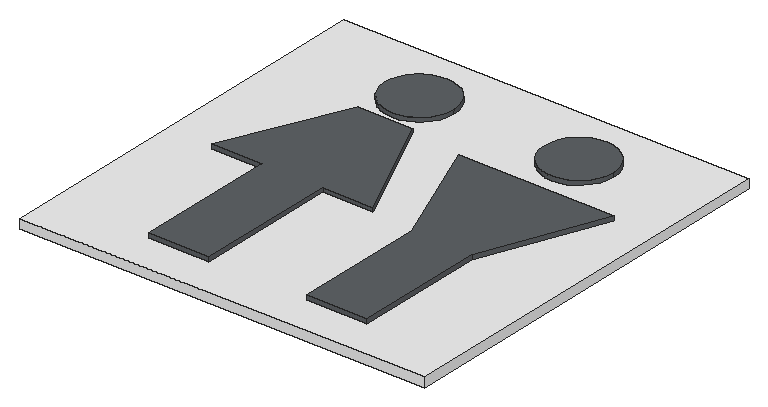
Revit family "KEUCO_14971010000__", category Generic Models, Revit 2016
Family settings
  Part Type = Normal
  Can host rebar = No
  Round Connector Dimension = Use Diameter
  Work Plane-Based = Yes
  Always vertical = No
  Cut with Voids When Loaded = No
  Shared = No
  Room Calculation Point = No
Parameters (values of type "14971170000")
  Default Elevation = 1219.2 mm
  Verwendung = "ZU"  # constant formula
  URL = "https://www.keuco.com/de/produkte/sortiment/artikel/?pid=14971&oid=4&pgo=20&country=de&lang=de&vid=14971170000"
  Serie = "Plan"  # constant formula
  Preisgruppe = ""
  Materialien bei Hersteller anfragen = "Anfrage zu:  objektmanagement@keuco.de"
  Material = Verchromt
  Rail Length = 851 mm
  Kategorie = "ACC"  # constant formula
  Manufacturer = "KEUCO"  # constant formula
  Gewicht = 2.718
  Description = "Symbol Damen / Herren"
  Assembly Code = ""
  Ausschreibungstext = "KEUCO PLAN Türschild 14971170000 Damen / Herren\r\nTürschild aus silber-eloxiertem Aluminium (E6 EV1) \r\nmit dem Symbol DAEMN/HERREN \r\nin quadratischer Form, \r\nmit abgerundeten Ecken, \r\nMaße 100 x 100 mm"
  Artikelnummer = "14971170000"
Types (4, lengths in mm): name | URL | Materialien bei Hersteller anfragen | Material | Description | Ausschreibungstext | Artikelnummer
  (no name) | "https://www.keuco.com" | "Request to:  objektmanagement@keuco.de" | Verchromt | "--" | "" | "14971010000"
  14971010000 | "https://www.keuco.com/de/produkte/sortiment/artikel/?pid=14971&oid=4&pgo=20&country=de&lang=de&vid=14971010000" | "Request to:  objektmanagement@keuco.de" | Verchromt | "Symbol Damen / Herren" | "KEUCO PLAN Türschild 14971010000 Damen / Herren\r\nHochglanzverchromtes Türschild \r\nmit dem Symbol DAMEN/HERREN \r\nin quadratischer Form, \r\nmit abgerundeten Ecken, \r\nMaße 100 x 100 mm" | "14971010000"
  14971070000 | "https://www.keuco.com/de/produkte/sortiment/artikel/?pid=14971&oid=4&pgo=20&country=de&lang=de&vid=14971070000" | "Request to:  objektmanagement@keuco.de" | Edelstahl | "Symbol Damen / Herren" | "KEUCO PLAN Türschild 14971070000 Damen / Herren\r\nTürschild aus hochwertigem Edelstahl \r\nmit dem Symbol DAMEN/HERREN \r\nin quadratischer Form, \r\nmit abgerundeten Ecken, \r\nMaße 100 x 100 mm" | "14971070000"
  14971170000 | "https://www.keuco.com/de/produkte/sortiment/artikel/?pid=14971&oid=4&pgo=20&country=de&lang=de&vid=14971170000" | "Anfrage zu:  objektmanagement@keuco.de" | Verchromt | "Symbol Damen / Herren" | "KEUCO PLAN Türschild 14971170000 Damen / Herren\r\nTürschild aus silber-eloxiertem Aluminium (E6 EV1) \r\nmit dem Symbol DAEMN/HERREN \r\nin quadratischer Form, \r\nmit abgerundeten Ecken, \r\nMaße 100 x 100 mm" | "14971170000"
Reference planes
  plane 1 "Center (Front/Back)": y = 0
  plane 2: z = 0
  plane 3 "Center (Left/Right)": x = 0
Forms (mm)
  Extrusion 1, solid, material "Verchromt" <- "Material"
    sketch origin (0, 0, 61.249) x (0, 1, 0) y (-1, 0, 0)
      loop
        line (0, 50) -> (0, -50) -> (100, -50) -> (100, 50) -> (0, 50)
    from -61.529 to -59.249
  Extrusion 2, solid, material "Schwarzgrau"
    sketch origin (0, 0, 58.651) x (0, 1, 0) y (-1, 0, 0)
      loop
        circle (84.471, 18.924) r 8.543
      loop
        circle (84.31, -20.714) r 8.547
      loop
        line (73.505, 25.467) -> (44.535, 38.366) -> (44.535, 25.924) -> (9.535, 25.924) -> (9.535, 10.924) -> (44.535, 10.924) -> (44.535, -1.634) -> (73.505, 11.875) -> (73.505, 25.467)
      loop
        line (70.967, -1.634) -> (41.891, -13.201) -> (9.535, -13.201) -> (9.535, -28.16) -> (41.787, -28.16) -> (70.967, -39.949) -> (70.967, -1.634)
    from -56.651 to -55.651
Dimensions and locks
  aligned and locked: level to plane 2
